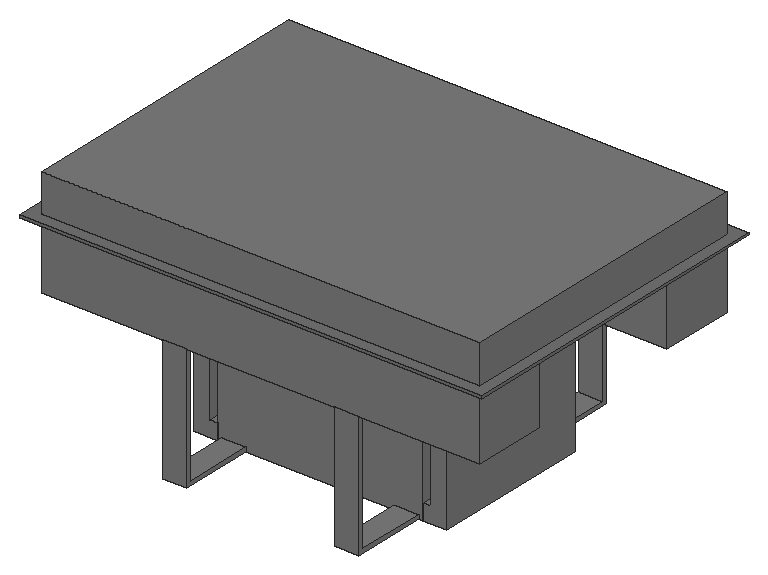
Revit family
Parameters (values of type "8304T02")
  Weight (lb) = 144.78
  Waste Connection = no
  Warranty = "1 year material and workmanship"  # constant formula
  Vent Connection Dia = 0"
  Vent Connection = yes
  URL = "http://www.JRSmith.com"
  Type Comments = ""
  Technical and Installation = "http://www.jrsmith.com/products/inter/tech_data_index.htm"
  SmartBIM Object Version = 3  # constant formula
  SmartBIM Object Created By = "Reed Construction Data"  # constant formula
  Product URL = "http://www.jrsmith.com/products/inter/submittal/d8300.pdf"
  Pipe Size = 0"
  Pipe Radius = A / 2  # 1"
  OmniClass Title = "Fats, Oils, and Grease Disposal Systems"  # constant formula
  OmniClass Code = "22-22 13 19 13"  # constant formula
  Note = "Interceptor must have flow control."  # constant formula
  Non-Skid Cover Thickness = 2 1/2"
  Model = "8304T02"
  Material Finish = Duco coated
  Material = Galvanized Cast Iron
  Manufacturer = "Jay R. Smith Mfg. Co."  # constant formula
  L = 19 1/4"
  Keynote = ""
  K = 27 1/4"
  HW Connection = no
  Grease Capacity (lbs) = "8"
  Depth = 19 1/4"
  Length = 27 1/4"
  Outlet Offset = 6 3/4"
  Flow Rate = "4"
  Width = 10"
  Description = "Grease Interceptor with Receiving Cradle for Recessed Installation"  # constant formula
  Default Elevation = 0"
  D = 16 3/4"
  Cost = 0
  Capacity = ""
  CW Connection = no
  B = 7 3/4"
  Assembly Code = "D2030400"
  Action = ""
  A = 2"
  95 CSI = "15155"  # constant formula
  04 CSI = "22 13 29"  # constant formula
Types (8): name | Weight (lb) | Waste Connection | Vent Connection | URL | Pipe Radius | Model | L | K | HW Connection | Grease Capacity (lbs) | Depth | Length | Outlet Offset | Flow Rate | Width | D | CW Connection | B | A
  8304T02 | 144.78 | no | yes | "http://www.JRSmith.com" | 1" | "8304T02" | 19 1/4" | 27 1/4" | no | "8" | 19 1/4" | 27 1/4" | 6 3/4" | "4" | 10" | 16 3/4" | no | 7 3/4" | 2"
  8307T02 | 150.47 | yes | no | "http://www.JRSmith.com" | 1" | "8307T02" | 19 1/4" | 27 1/4" | yes | "14" | 19 1/4" | 27 1/4" | 7" | "7" | 10 3/4" | 19" | yes | 8 1/2" | 2"
  8315T02 | 217 | yes | no | "http://JRSmith.com" | 1" | "8315T02" | 22 3/4" | 27 1/4" | yes | "30" | 22 3/4" | 27 1/4" | 7 1/2" | "15" | 14" | 25" | yes | 12" | 2"
  8320T03 | 240.5 | yes | no | "http://JRSmith.com" | 1 1/2" | "8320T03" | 22 3/4" | 34 3/4" | yes | "40" | 22 3/4" | 34 3/4" | 7 1/2" | "20" | 15 3/4" | 28 1/2" | yes | 13" | 3"
  8325T03 | 310.5 | yes | no | "http://JRSmith.com" | 1 1/2" | "8325T03" | 28 1/4" | 41 3/4" | yes | "50" | 28 1/4" | 41 3/4" | 7 1/2" | "25" | 16 3/4" | 30" | yes | 15 1/4" | 3"
  8335T03 | 333 | yes | no | "http://JRSmith.com" | 1 1/2" | "8335T03" | 28 1/4" | 41 3/4" | yes | "70" | 28 1/4" | 41 3/4" | 8 1/4" | "35" | 18 1/4" | 32 1/2" | yes | 16" | 3"
  8350T03 | 384.5 | yes | no | "http://JRSmith.com" | 1 1/2" | "8350T03" | 28 1/4" | 41 3/4" | yes | "100" | 28 1/4" | 41 3/4" | 10 1/4" | "50" | 20 3/4" | 35 1/2" | yes | 7 1/2" | 3"
  8310T02 | 173 | yes | no | "http://www.JRSmith.com" | 1" | "8310T02" | 19 1/4" | 27 1/4" | yes | "20" | 19 1/4" | 27 1/4" | 7" | "10" | 10 3/4" | 19" | yes | 8 1/2" | 2"
Reference planes (in)
  plane 1: z = 0
  plane 2 "Center (Left/Right)": x = 1.11312
  plane 3 "Center (Front/Back)": y = 9.55859
  plane 4: x = -7.26188
  plane 5: x = 9.48812
  plane 6: y = 19.18359
  plane 7: y = -0.06641
  plane 8: y = 14.55859
  plane 9: y = 4.55859
  plane 10 "Top": z = 14.5
  plane 11: x = -12.51188
  plane 12: x = 14.73812
  plane 13: y = 10.55859
  plane 14: y = 8.55859
  plane 15: x = -13.51188
  plane 16: x = 15.73812
  plane 17: x = 10.48812
  plane 18: x = -8.26188
  plane 19: x = 6.48812
  plane 20: x = 7.48812
  plane 21: x = -4.26188
  plane 22: x = -5.26188
  plane 23: x = -12.51188
  plane 24: x = 14.73812
  plane 25: y = 19.18359
  plane 26: y = -0.06641
Dimensions and locks (in)
  equal spacing: plane 4, plane 2 "Center (Left/Right)", plane 5
  "D": plane 4 to plane 5
  equal spacing: plane 6, plane 3 "Center (Front/Back)", plane 7
  "Depth": plane 6 to plane 7
  equal spacing: plane 9, plane 3 "Center (Front/Back)", plane 8
  "Width": plane 8 to plane 9
  equal spacing: plane 11, plane 2 "Center (Left/Right)", plane 12
  "Length": plane 11 to plane 12
  equal spacing: plane 13, plane 3 "Center (Front/Back)", plane 14
  "A": plane 13 to plane 14
  locked: plane 15 to plane 11 at 1
  locked: plane 12 to plane 16 at 1
  locked: plane 5 to plane 17 at 1
  locked: plane 18 to plane 4 at 1
  locked: plane 19 to plane 20 at 1
  locked: plane 20 to plane 5 at 2
  locked: plane 21 to plane 22 at 1
  locked: plane 22 to plane 4 at 2
  "K": plane 24 to plane 23
  equal spacing: plane 24, plane 2 "Center (Left/Right)", plane 23
  "L": plane 25 to plane 26
  equal spacing: plane 25, plane 3 "Center (Front/Back)", plane 26
  locked: plane 10 "Top" to level at 14.5
  aligned and locked: plane 2 "Center (Left/Right)" to nested 1
  aligned and locked: plane 3 "Center (Front/Back)" to nested 1
  aligned and locked: plane 10 "Top" to nested 1
Nested families (in)
  nested 1: "Interceptor_8300" at (0, 0, 0), type "8304"
Connectors (in)
  piping at (9.48812, 9.55859, 7.75), driven by "Pipe Radius"
    settings: on nested 1, index 1
  piping at (-7.26188, 9.55859, 7.75), driven by "Pipe Radius"
    settings: on nested 1, index 2
Definition of nested family "Interceptor_8300"
  Parameters (values of type "8304")
    Weight (lb) = 144.78
    Waste Connection = yes
    Warranty = "1 year material and workmanship"  # constant formula
    Vent Connection Dia. = 0"
    Vent Connection = no
    URL = "http://www.JRSmith.com"
    Type Comments = ""
    Technical and Installation = "http://www.jrsmith.com/products/inter/tech_data_index.htm"
    SmartBIM Object Version = 3  # constant formula
    SmartBIM Object Created By = "Reed Construction Data"  # constant formula
    Product URL = "http://www.jrsmith.com/products/inter/submittal/d8300.pdf"
    Pipe Size = 0"
    Pipe Radius = A / 2  # 1"
    OmniClass Title = "Fats, Oils, and Grease Disposal Systems"  # constant formula
    OmniClass Code = "22-22 13 19 13"  # constant formula
    Non-Skid Cover Thickness = 2 1/2"
    Model = "8304T02"
    Max. Static Load = ""
    Material Finish = Duco coated
    Material = Galvanized Cast Iron
    Manufacturer = "Jay R. Smith Mfg. Co."  # constant formula
    L = 19 1/4"
    Keynote = ""
    K = 27 1/4"
    HW Connection = yes
    Depth = 19 1/4"
    Length = 27 1/4"
    Outlet Offset = 6 3/4"
    Free Area(Sq In) = ""
    Flow Rate = ""
    Width = 10"
    Description = "Brease Interceptor with Receiving Cradle for Recessed Installation"  # constant formula
    Default Elevation = 0"
    D = 16 3/4"
    Cost = 0
    Capacity = ""
    CW Connection = yes
    B = 7 3/4"
    Assembly Code = "D2030400"
    Action = ""
    A = 2"
    95 CSI = "15155"  # constant formula
    04 CSI = "22 13 29"  # constant formula
  Reference planes (in)
    plane 1: z = 0
    plane 2 "Center (Left/Right)": x = 1.11312
    plane 3 "Center (Front/Back)": y = 9.55859
    plane 4: x = -7.26188
    plane 5: x = 9.48812
    plane 6: y = 19.18359
    plane 7: y = -0.06641
    plane 8: y = 14.55859
    plane 9: y = 4.55859
    plane 10 "Top": z = 14.5
    plane 11: z = 7.75
    plane 12: x = -12.51188
    plane 13: x = 14.73812
    plane 14: y = 10.55859
    plane 15: y = 8.55859
    plane 16: z = 12
    plane 17: x = -13.51188
    plane 18: x = 15.73812
    plane 19: x = 10.48812
    plane 20: x = -8.26188
    plane 21: x = 6.48812
    plane 22: x = 7.48812
    plane 23: x = -4.26188
    plane 24: x = -5.26188
    plane 25: x = -12.51188
    plane 26: x = 14.73812
    plane 27: y = 19.18359
    plane 28: y = -0.06641
  Forms (in)
    Extrusion 1, solid, material "Duco coated" <- "Material Finish"
      sketch origin (1.11312, 0, 0) x (0, 1, 0) y (0, 0, 1)
        loop
          line (19.18359, 7.75) -> (19.18359, 12) -> (14.55859, 12) -> (14.55859, 7.75) -> (19.18359, 7.75)
        loop
          line (-0.06641, 7.75) -> (4.55859, 7.75) -> (4.55859, 12) -> (-0.06641, 12) -> (-0.06641, 7.75)
      from -13.625 to 13.625
    Extrusion 2, solid, material "Duco coated" <- "Material Finish"
      sketch origin (0, 0, 0) x (1, 0, 0) y (0, 1, 0)
        loop
          line (-5.26188, 14.55859) -> (-5.26188, 4.55859) -> (7.48812, 4.55859) -> (7.48812, 14.55859) -> (-5.26188, 14.55859)
      from 0 to 12
    Extrusion 3, solid, material "Duco coated" <- "Material Finish"
      sketch origin (1.11312, 0, 0) x (0, 1, 0) y (0, 0, 1)
        loop
          circle (9.55859, 7.75) r 1
      from -8.375 to 8.375
    Sweep 4, solid, material "Galvanized Cast Iron"
      path origin (-18.1088, -180, 12) x (-1, 0, 0) y (0, -1, 0)
        loop
          line (-5.59692, -199.18359) -> (-5.59692, -179.93359) -> (-32.84692, -179.93359) -> (-32.84692, -199.18359) -> (-5.59692, -199.18359)
      profile origin (1.11312, 19.18359, 12) x (0, 1, 0) y (0, 0, 1)
        loop
          line (0, 0) -> (0.75, 0) -> (0.75, 0.13779) -> (0, 0.13779) -> (0, 0)
    Extrusion 5, solid, material "Duco coated" <- "Material Finish"
      sketch origin (0, -0.5, 0) x (1, 0, 0) y (0, 0, 1)
        loop
          line (7.48812, 0) -> (8.98812, 0) -> (8.98812, 11) -> (7.98812, 11) -> (7.98812, 1) -> (7.48812, 1) -> (7.48812, 0)
        loop
          line (-5.26188, 0) -> (-5.26188, 1) -> (-5.76188, 1) -> (-5.76188, 11) -> (-6.76188, 11) -> (-6.76188, 0) -> (-5.26188, 0)
      from -15.05859 to -5.05859
    Sweep 6, solid, material "Duco coated" <- "Material Finish"
      path origin (6.48812, 66.58695, 48) x (0, 1, 0) y (0, 0, 1)
        loop
          line (-47.40336, -40.25) -> (-47.40336, -48) -> (-66.65336, -48) -> (-66.65336, -40.25)
      profile origin (6.48812, -0.06641, 3.875) x (0, 1, 0) y (-1, 0, 0)
        loop
          line (0, 0.75) -> (0, -0.75) -> (0.25, -0.75) -> (0.25, 0.75) -> (0, 0.75)
    Sweep 7, solid, material "Duco coated" <- "Material Finish"
      path origin (-4.26188, 66.58695, 48) x (0, 1, 0) y (0, 0, 1)
        loop
          line (-66.65336, -40.25) -> (-66.65336, -48) -> (-47.40336, -48) -> (-47.40336, -40.25)
      profile origin (-4.26188, 19.18359, 3.875) x (0, -1, 0) y (1, 0, 0)
        loop
          line (0, 0.75) -> (0, -0.75) -> (0.25, -0.75) -> (0.25, 0.75) -> (0, 0.75)
    Extrusion 8, solid, material "Duco coated" <- "Material Finish"
      sketch origin (0, 0, 0) x (1, 0, 0) y (0, 1, 0)
        loop
          line (-12.51188, 19.18359) -> (-12.51188, -0.06641) -> (14.73812, -0.06641) -> (14.73812, 19.18359) -> (-12.51188, 19.18359)
      from 12 to 14.5
  Cuts and joins
    joined: Extrusion 1, Extrusion 3, Extrusion 5, Extrusion 8
    joined: Extrusion 2, Sweep 6, Sweep 7
  Dimensions and locks (in)
    equal spacing: plane 4, plane 2 "Center (Left/Right)", plane 5
    "D": plane 4 to plane 5
    equal spacing: plane 6, plane 3 "Center (Front/Back)", plane 7
    "Depth": plane 6 to plane 7
    equal spacing: plane 9, plane 3 "Center (Front/Back)", plane 8
    "Width": plane 8 to plane 9
    "Outlet Offset": plane 10 "Top" to plane 11
    "B": plane 11 to level
    equal spacing: plane 12, plane 2 "Center (Left/Right)", plane 13
    "Length": plane 12 to plane 13
    equal spacing: plane 14, plane 3 "Center (Front/Back)", plane 15
    "A": plane 14 to plane 15
    "Non-Skid Cover Thickness": plane 10 "Top" to plane 16
    locked: plane 17 to plane 12 at 1
    locked: plane 13 to plane 18 at 1
    locked: Sweep 4 sketch curve to plane 6 at 0.75
    locked: Sweep 4 sketch curve to plane 16 at 0.13779
    locked: plane 5 to plane 19 at 1
    locked: plane 20 to plane 4 at 1
    locked: Extrusion 5 sketch curve to plane 16 at 1  (x2)
    locked: level to Extrusion 5 sketch curve at 1  (x2)
    locked: plane 21 to plane 22 at 1
    locked: plane 22 to plane 5 at 2
    locked: plane 23 to plane 24 at 1
    locked: plane 24 to plane 4 at 2
    locked: Extrusion 5 sketch curve to plane 4 at 0.5
    locked: Extrusion 5 sketch curve to plane 5 at 0.5
    locked: Extrusion 5 sketch curve to plane 22 at 0.5
    "K": plane 26 to plane 25
    equal spacing: plane 26, plane 2 "Center (Left/Right)", plane 25
    "L": plane 27 to plane 28
    equal spacing: plane 27, plane 3 "Center (Front/Back)", plane 28
    plane 24 to Sweep 7 sketch curve to Sweep 7 sketch curve = 1/4" locked, 1 1/2" locked
    locked: plane 6 to Sweep 7 sketch curve at 0.25
    "Pipe Radius": radius of Extrusion 3 sketch curve
    aligned and locked: plane 6 to Extrusion 1 sketch curve
    aligned and locked: plane 8 to Extrusion 1 sketch curve
    aligned and locked: plane 16 to Extrusion 1 sketch curve  (x2)
    aligned and locked: plane 11 to Extrusion 1 sketch curve  (x2)
    aligned and locked: plane 9 to Extrusion 1 sketch curve
    aligned and locked: Extrusion 1 sketch curve to plane 7
    aligned and locked: Extrusion 1 to plane 13
    aligned and locked: Extrusion 1 to plane 12
    aligned and locked: Extrusion 1 to Extrusion 2 sketch curve
    aligned and locked: Extrusion 2 sketch curve to plane 8
    aligned and locked: Extrusion 2 to level
    aligned and locked: plane 16 to Extrusion 2
    aligned and locked: profile plane to Sweep 4 sketch curve
    aligned and locked: Sweep 4 sketch curve to profile plane
    aligned and locked: plane 8 to Extrusion 5
    aligned and locked: plane 9 to Extrusion 5
    aligned and locked: Extrusion 5 sketch curve to level
    aligned and locked: Sweep 6 sketch curve to level
    aligned and locked: plane 11 to Sweep 6 sketch curve  (x2)
    aligned and locked: level to Sweep 7 sketch curve
    aligned and locked: plane 11 to Sweep 7 sketch curve  (x2)
    aligned and locked: Extrusion 3 to plane 4
    aligned and locked: Extrusion 3 to plane 5
    aligned and locked: Extrusion 2 sketch curve to plane 22
    aligned and locked: Extrusion 2 sketch curve to plane 24
    aligned and locked: plane 24 to Extrusion 5 sketch curve
    aligned and locked: Extrusion 5 sketch curve to plane 22
    aligned and locked: Sweep 7 sketch curve to cut or joined group of Extrusion 1, Extrusion 3, Extrusion 5, Extrusion 8  (x2)
    aligned and locked: Sweep 6 sketch curve to cut or joined group of Extrusion 1, Extrusion 3, Extrusion 5, Extrusion 8  (x2)
    aligned and locked: Extrusion 8 sketch curve to plane 27
    aligned and locked: plane 28 to Extrusion 8 sketch curve
    aligned and locked: plane 25 to Extrusion 8 sketch curve
    aligned and locked: Extrusion 8 sketch curve to plane 26
    aligned and locked: plane 10 "Top" to Extrusion 8
    aligned and locked: Extrusion 8 to plane 16
    aligned and locked: plane 6 to Sweep 7 sketch curve
  Automatic sketch dimensions
    Extrusion 3 sketch curve to plane 3 "Center (Front/Back)" = 0"
    Extrusion 3 sketch curve to plane 11 = 0"
    Sweep 4 sketch curve to plane 6 = 0"
    Sweep 4 sketch curve to plane 13 = 0"
    Sweep 4 sketch curve to plane 7 = 0"
    Sweep 4 sketch curve to plane 12 = 0"
    Extrusion 5 sketch curve to level = 0"
    Extrusion 5 sketch curve to Extrusion 5 sketch curve = 1"
    Sweep 6 sketch curve to profile plane = 0"
    Sweep 6 sketch curve to Sweep 6 sketch curve = 1/4"
    Sweep 6 sketch curve to profile plane = 3/4"
    profile plane to Sweep 6 sketch curve = 3/4"
